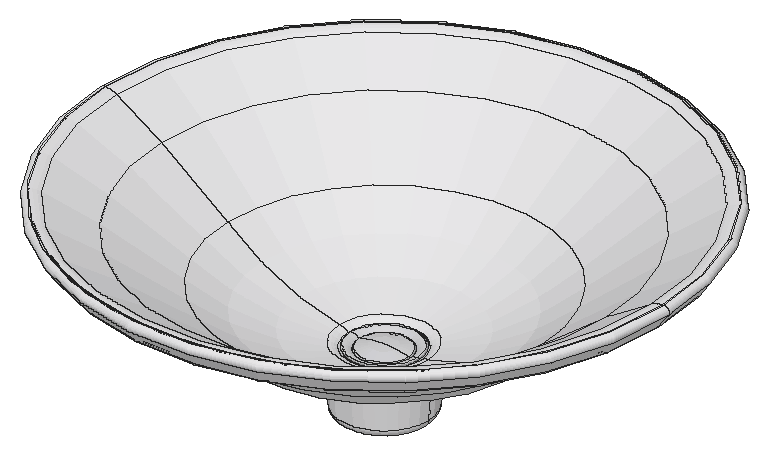
Revit family "Sink-Vessel_Lavatory-KOHLER-Carillon-K-75748", category Plumbing Fixtures, host Face, Revit 2015
Parameters (values of type "Sartorial Herringbone, 0-White")
  Width = 17 11/16"  # constant formula
  Waste Water Outlet = "Waste Water Outlet"  # constant formula
  Waste Connection = 1 = 1  # yes
  Vent Connection = 1 = 0  # no
  URL = "https://www.us.kohler.com/us/"
  Type = 1
  Product Page URL = "http://www.us.kohler.com/us/catalog/productDetails.jsp?productNumber=75748-HD1"
  Product Name = "Carillon"  # constant formula
  Product Documentation Link = "http://www.us.kohler.com/onlinecatalog/pdf/K-75748-HD1_spec.pdf"
  Model = if(Type = 1, "K-75748-HD1-0", if(Type = 2, "K-75748-HD2-7", if(Type = 3, "K-75748-FP1-0", if(Type = 4, "K-75748-FP2-7", "NA"))))  # "K-75748-HD1-0"
  Material = "Vitreous China"  # constant formula
  MasterFormat 2004 = "22.41.16"  # constant formula
  MasterFormat 1995 = "15410"  # constant formula
  Manufacturer Address = "444 Highland Dr, Kohler, WI 53044"  # constant formula
  Manufacturer = "KOHLER Co."  # constant formula
  Length = 17 11/16"  # constant formula
  Hot Water Inlet = "Hot Water Inlet"  # constant formula
  Height = 6"  # constant formula
  HW Connection = 1 = 0  # no
  Finish = Kohler-Vitreous_China-0-White
  Environmental Product Declaration = ""
  Drain Included = 1 = 0  # no
  Description = if(Type = 1, "Sartorial Herringbone in White on Carillon Round Wading Pool bathroom sink", if(Type = 2, "Sartorial Herringbone in Black Black on Carillon Round Wading Pool bathroom sink", if(Type = 3, "Sartorial Paisley in White on Carillon Round Wading Pool bathroom sink", if(Type = 4, "Sartorial Paisley in Black Black on Carillon Round Wading Pool bathroom sink", "NA"))))  # "Sartorial Herringbone in White on Carillon Round Wading Pool bathroom sink"
  Default Elevation = 36"
  Declare Label = ""
  Date Modified = "01/10/2019"  # constant formula
  Date Created = "01/10/2019"  # constant formula
  Copyright = "Copyright KOHLER Co."  # constant formula
  Contact Us = "https://www.us.kohler.com/us/static/contact.jsp"
  Cold Water Inlet = "Cold Water Inlet"  # constant formula
  CW Connection = 1 = 0  # no
  Assembly Code = "D2010400"
  ADA Compliant = 1 = 1  # yes
Types (5): name | Type | Product Page URL | Product Documentation Link | Model | Finish | Description
  (no name) | 1 | "http://www.us.kohler.com/us/catalog/productDetails.jsp?productNumber=75748-HD1" | "http://www.us.kohler.com/onlinecatalog/pdf/K-75748-HD1_spec.pdf" | "K-75748-HD1-0" | Kohler-Vitreous_China-0-White | "Sartorial Herringbone in White on Carillon Round Wading Pool bathroom sink"
  Sartorial Herringbone, 0-White | 1 | "http://www.us.kohler.com/us/catalog/productDetails.jsp?productNumber=75748-HD1" | "http://www.us.kohler.com/onlinecatalog/pdf/K-75748-HD1_spec.pdf" | "K-75748-HD1-0" | Kohler-Vitreous_China-0-White | "Sartorial Herringbone in White on Carillon Round Wading Pool bathroom sink"
  Sartorial Herringbone, 7-Black Black | 2 | "http://www.us.kohler.com/us/catalog/productDetails.jsp?productNumber=75748-HD2" | "http://www.us.kohler.com/onlinecatalog/pdf/K-75748-HD2_spec.pdf" | "K-75748-HD2-7" | Kohler-Vitreous_China-7-Black_Black | "Sartorial Herringbone in Black Black on Carillon Round Wading Pool bathroom sink"
  Sartorial Paisley, 0-White | 3 | "http://www.us.kohler.com/us/catalog/productDetails.jsp?productNumber=75748-FP1" | "http://www.us.kohler.com/onlinecatalog/pdf/K-75748-FP1_spec.pdf" | "K-75748-FP1-0" | Kohler-Vitreous_China-0-White | "Sartorial Paisley in White on Carillon Round Wading Pool bathroom sink"
  Sartorial Paisley, 7-Black Black | 4 | "http://www.us.kohler.com/us/catalog/productDetails.jsp?productNumber=75748-FP2" | "http://www.us.kohler.com/onlinecatalog/pdf/K-75748-FP2_spec.pdf" | "K-75748-FP2-7" | Kohler-Vitreous_China-7-Black_Black | "Sartorial Paisley in Black Black on Carillon Round Wading Pool bathroom sink"
Reference planes (in)
  plane 1 "Center (Front/Back)": y = 0
  plane 2: z = 0
  plane 3 "Center (Left/Right)": x = 0
  plane 4: y = 8.84375
  plane 5: y = -8.84375
  plane 6: x = -8.84375
  plane 7: x = 8.84375
  plane 8: z = 0.75
  plane 9: z = -5.25
Forms (in)
  Extrusion 1, void
    sketch origin (0, 0, 0) x (1, 0, 0) y (0, 1, 0)
      loop
        circle (0, 0) r 8
    from 0 to -5.25
Dimensions and locks (in)
  "Length": plane 5 to plane 4
  "Width": plane 6 to plane 7
  "Height": plane 8 to plane 9
  locked: plane 8 to level at 0.75
  aligned and locked: plane 2 to host face
  aligned and locked: level to host face
Automatic sketch dimensions
  host sketch curve to host sketch curve = 96"  (x2)
  plane 1 "Center (Front/Back)" to Extrusion 1 sketch curve = 0"
  Extrusion 1 sketch curve to plane 3 "Center (Left/Right)" = 0"
  radius of Extrusion 1 sketch curve = 8"
Nested families (in)
  nested 1: "K-75748" at (0, 0, -5.25), type "K-75748"
Connectors (in)
  piping at (0, 0, -5.09375), diameter 1.25, driven by "Waste Connection", driven by "Waste Water Outlet"
    settings: on nested 1, index 1, connector inside diameter 24", connector length 0", flow factor 0, pipe flow 0 GPM, pressure drop 0.00 psi, fitting loss kfactor 0, connector angle 0.00°, fixture units 0, engagement length 0", angle of deflection 0.00°, flow configuration 0, flow direction 2, fitting loss method 0, system type 16, joint type 0, gender type 0, connector reference index -1, connector utility 1, adjustable connector no, is connector primary yes, connector description "Waste Water Outlet"
Definition of nested family "K-75748"
  Parameters (values of type "K-75748")
    Material = none
  Reference planes (in)
    plane 1 "Center (Front/Back)": y = 0
    plane 2: z = 0
    plane 3 "Center (Left/Right)": x = 0
    plane 4: y = 8.84375
    plane 5: y = -8.84375
    plane 6: x = -8.84375
    plane 7: x = 8.84375
    plane 8: z = 6
    plane 9: z = 5.25
  Forms (in)
    Revolve 1, solid, material <- "Material", detail levels medium+fine
      sketch origin (0, 0, 0) x (1, 0, 0) y (0, 0, 1)
        loop
          line (-1.12174, 0) -> (-0.87514, 0) -> (-0.87514, 0.15625) -> (0, 0.15625) -> (0, 0.59335) -> (-0.87514, 0.59335) -> (-0.87514, 1.5577) -> (-1.12287, 1.80544)
          arc (-1.12287, 1.80544) -> (-1.24182, 1.89241) -> (-1.38155, 1.93922) r 0.48017
          arc (-1.38155, 1.93922) -> (-3.23618, 2.51892) -> (-4.87165, 3.5682) r 7.28614
          arc (-4.87165, 3.5682) -> (-5.86913, 4.35279) -> (-6.92283, 5.06007) r 16.84789
          arc (-6.92283, 5.06007) -> (-7.61804, 5.48628) -> (-8.31623, 5.90758) r 115.87003
          arc (-8.31623, 5.90758) -> (-8.47712, 5.97647) -> (-8.65054, 6) r 0.65087
          line (-8.65054, 6) -> (-8.68643, 6)
          arc (-8.68643, 6) -> (-8.82598, 5.91492) -> (-8.81427, 5.75191) r 0.15698
          line (-8.81427, 5.75191) -> (-8.53474, 5.35968)
          arc (-8.53474, 5.35968) -> (-8.49256, 5.32315) -> (-8.43833, 5.31) r 0.11839
          line (-8.43833, 5.31) -> (-8.40737, 5.31)
          arc (-8.40737, 5.31) -> (-8.36654, 5.30031) -> (-8.33442, 5.27331) r 0.09087
          arc (-8.33442, 5.27331) -> (-8.31402, 5.25615) -> (-8.28808, 5.25) r 0.05771
          line (-8.28808, 5.25) -> (-7.74182, 5.25)
          arc (-7.74182, 5.25) -> (-7.69945, 5.24273) -> (-7.66192, 5.22175) r 0.12714
          line (-7.66192, 5.22175) -> (-5.61604, 3.56862)
          arc (-5.61604, 3.56862) -> (-4.42031, 2.71325) -> (-3.13267, 2.00375) r 12.53702
          arc (-3.13267, 2.00375) -> (-2.42105, 1.72113) -> (-1.67808, 1.53596) r 5.7268
          arc (-1.67808, 1.53596) -> (-1.5319, 1.45536) -> (-1.46478, 1.30253) r 0.26019
          line (-1.46478, 1.30253) -> (-1.37079, 0.22821)
          arc (-1.37079, 0.22821) -> (-1.29064, 0.06568) -> (-1.12174, 0) r 0.25
        axis (0, 6) -> (0, 0)
      angle from 0 to 360
    Revolve 2, solid, detail levels medium+fine
      sketch origin (0, 0, 0) x (1, 0, 0) y (0, 0, 1)
        loop
          line (-0.70847, 1.09574) -> (0, 1.09574) -> (0, 1.88619)
          arc (0, 1.88619) -> (-0.37854, 1.85859) -> (-0.74907, 1.77636) r 2.6094
          arc (-0.74907, 1.77636) -> (-0.7683, 1.74615) -> (-0.74121, 1.72274) r 0.02739
          line (-0.74121, 1.72274) -> (-0.5161, 1.72274) -> (-0.5161, 1.50596) -> (-0.72385, 1.50596) -> (-0.78478, 1.73337)
          arc (-0.78478, 1.73337) -> (-0.89393, 1.82345) -> (-1.03172, 1.85571) r 0.31038
          arc (-1.03172, 1.85571) -> (-1.06126, 1.83114) -> (-1.04249, 1.79761) r 0.03005
          line (-1.04249, 1.79761) -> (-0.85032, 1.72385)
          arc (-0.85032, 1.72385) -> (-0.82211, 1.70256) -> (-0.80951, 1.66955) r 0.06396
          line (-0.80951, 1.66955) -> (-0.7652, 1.14786)
          arc (-0.7652, 1.14786) -> (-0.74699, 1.11075) -> (-0.70847, 1.09574) r 0.05693
        axis (0, 1.88619) -> (0, 1.09574)
      angle from 0 to 360
    Revolve 3, solid, material <- "Material", detail levels coarse
      sketch origin (0, 0, 0) x (1, 0, 0) y (0, 0, 1)
        loop
          arc (0, 2.1257) -> (-4.26249, 3.15024) -> (-7.59375, 6) r 9.37915
          line (-7.59375, 6) -> (-8.84375, 6) -> (-8.84375, 5.25) -> (-7.69688, 5.25) -> (-5.61604, 3.56862)
          arc (-5.61604, 3.56862) -> (-3.65949, 2.30512) -> (-1.48053, 1.48255) r 10.98421
          line (-1.48053, 1.48255) -> (-1.35082, 0) -> (0, 0) -> (0, 2.1257)
        axis (0, 6) -> (0, 0)
      angle from 0 to 360
  Lines and regions (in)
    Masking region 1
      outline origin (0, 0, 0) x (1, 0, 0) y (0, 0, 1)
        loop
          line (-1.12174, 0) -> (1.12174, 0)
          arc (1.12174, 0) -> (1.29064, 0.06568) -> (1.37079, 0.22821) r 0.25
          line (1.37079, 0.22821) -> (1.46478, 1.30253)
          arc (1.46478, 1.30253) -> (1.5319, 1.45536) -> (1.67808, 1.53596) r 0.26019
          arc (1.67808, 1.53596) -> (2.42105, 1.72113) -> (3.13267, 2.00375) r 5.7268
          arc (3.13267, 2.00375) -> (4.42031, 2.71325) -> (5.61604, 3.56862) r 12.53702
          line (5.61604, 3.56862) -> (7.66192, 5.22175)
          arc (7.66192, 5.22175) -> (7.69945, 5.24273) -> (7.74182, 5.25) r 0.12714
          line (7.74182, 5.25) -> (8.28808, 5.25)
          arc (8.28808, 5.25) -> (8.31402, 5.25615) -> (8.33442, 5.27331) r 0.05771
          arc (8.33442, 5.27331) -> (8.36654, 5.30031) -> (8.40737, 5.31) r 0.09087
          line (8.40737, 5.31) -> (8.43833, 5.31)
          arc (8.43833, 5.31) -> (8.49256, 5.32315) -> (8.53474, 5.35968) r 0.11839
          line (8.53474, 5.35968) -> (8.81427, 5.75191)
          arc (8.81427, 5.75191) -> (8.82598, 5.91492) -> (8.68643, 6) r 0.15698
          line (8.68643, 6) -> (-8.68643, 6)
          arc (-8.68643, 6) -> (-8.82598, 5.91492) -> (-8.81427, 5.75191) r 0.15698
          line (-8.81427, 5.75191) -> (-8.53474, 5.35968)
          arc (-8.53474, 5.35968) -> (-8.49256, 5.32315) -> (-8.43833, 5.31) r 0.11839
          line (-8.43833, 5.31) -> (-8.40737, 5.31)
          arc (-8.40737, 5.31) -> (-8.36654, 5.30031) -> (-8.33442, 5.27331) r 0.09087
          arc (-8.33442, 5.27331) -> (-8.31402, 5.25615) -> (-8.28808, 5.25) r 0.05771
          line (-8.28808, 5.25) -> (-7.74182, 5.25)
          arc (-7.74182, 5.25) -> (-7.69945, 5.24273) -> (-7.66192, 5.22175) r 0.12714
          line (-7.66192, 5.22175) -> (-5.61604, 3.56862)
          arc (-5.61604, 3.56862) -> (-4.42031, 2.71325) -> (-3.13267, 2.00375) r 12.53702
          arc (-3.13267, 2.00375) -> (-2.42105, 1.72113) -> (-1.67808, 1.53596) r 5.7268
          arc (-1.67808, 1.53596) -> (-1.5319, 1.45536) -> (-1.46478, 1.30253) r 0.26019
          line (-1.46478, 1.30253) -> (-1.37079, 0.22821)
          arc (-1.37079, 0.22821) -> (-1.29064, 0.06568) -> (-1.12174, 0) r 0.25
    Masking region 2
      outline origin (0, 0, 0) x (0, 1, 0) y (0, 0, 1)
        loop
          arc (1.12174, 0) -> (1.29064, 0.06568) -> (1.37079, 0.22821) r 0.25
          line (1.37079, 0.22821) -> (1.46478, 1.30253)
          arc (1.46478, 1.30253) -> (1.5319, 1.45536) -> (1.67808, 1.53596) r 0.26019
          arc (1.67808, 1.53596) -> (2.42105, 1.72113) -> (3.13267, 2.00375) r 5.7268
          arc (3.13267, 2.00375) -> (4.42031, 2.71325) -> (5.61604, 3.56862) r 12.53702
          line (5.61604, 3.56862) -> (7.66192, 5.22175)
          arc (7.66192, 5.22175) -> (7.69945, 5.24273) -> (7.74182, 5.25) r 0.12714
          line (7.74182, 5.25) -> (8.28808, 5.25)
          arc (8.28808, 5.25) -> (8.31402, 5.25615) -> (8.33442, 5.27331) r 0.05771
          arc (8.33442, 5.27331) -> (8.36654, 5.30031) -> (8.40737, 5.31) r 0.09087
          line (8.40737, 5.31) -> (8.43833, 5.31)
          arc (8.43833, 5.31) -> (8.49256, 5.32315) -> (8.53474, 5.35968) r 0.11839
          line (8.53474, 5.35968) -> (8.81427, 5.75191)
          arc (8.81427, 5.75191) -> (8.82598, 5.91492) -> (8.68643, 6) r 0.15698
          line (8.68643, 6) -> (-8.68643, 6)
          arc (-8.68643, 6) -> (-8.82598, 5.91492) -> (-8.81427, 5.75191) r 0.15698
          line (-8.81427, 5.75191) -> (-8.53474, 5.35968)
          arc (-8.53474, 5.35968) -> (-8.49256, 5.32315) -> (-8.43833, 5.31) r 0.11839
          line (-8.43833, 5.31) -> (-8.40737, 5.31)
          arc (-8.40737, 5.31) -> (-8.36654, 5.30031) -> (-8.33442, 5.27331) r 0.09087
          arc (-8.33442, 5.27331) -> (-8.31402, 5.25615) -> (-8.28808, 5.25) r 0.05771
          line (-8.28808, 5.25) -> (-7.74182, 5.25)
          arc (-7.74182, 5.25) -> (-7.69945, 5.24273) -> (-7.66192, 5.22175) r 0.12714
          line (-7.66192, 5.22175) -> (-5.61604, 3.56862)
          arc (-5.61604, 3.56862) -> (-4.42031, 2.71325) -> (-3.13267, 2.00375) r 12.53702
          arc (-3.13267, 2.00375) -> (-2.42105, 1.72113) -> (-1.67808, 1.53596) r 5.7268
          arc (-1.67808, 1.53596) -> (-1.5319, 1.45536) -> (-1.46478, 1.30253) r 0.26019
          line (-1.46478, 1.30253) -> (-1.37079, 0.22821)
          arc (-1.37079, 0.22821) -> (-1.29064, 0.06568) -> (-1.12174, 0) r 0.25
          line (-1.12174, 0) -> (1.12174, 0)
    Masking region 3
      outline origin (0, 0, 0) x (1, 0, 0) y (0, 1, 0)
        loop
          circle (0, 0) r 8.84375
    symbolic lines, detail levels medium+fine
      curve 1: line (-7.74182, 0, 5.25) -> (7.74182, 0, 5.25)
      curve 2: line (8.40737, 0, 5.31) -> (-8.40737, 0, 5.31)
      curve 3: line (-1.67808, 0, 1.53596) -> (1.67808, 0, 1.53596)
      curve 4: line (0, 8.40737, 5.31) -> (0, -8.40737, 5.31)
      curve 5: line (0, -7.74182, 5.25) -> (0, 7.74182, 5.25)
      curve 6: line (0, 1.67808, 1.53596) -> (0, -1.67808, 1.53596)
      curve 7: circle (0, 0, 0) r 8.75 normal (0, 0, 1)
      curve 8: circle (0, 0, 0) r 0.78478 normal (0, 0, 1)
      curve 9: circle (0, 0, 0) r 0.76624 normal (0, 0, 1)
      curve 10: circle (0, 0, 0) r 1.06452 normal (0, 0, 1)
  Dimensions and locks (in)
    plane 5 to plane 4 = 17 11/16"
    plane 6 to plane 7 = 17 11/16"
    plane 8 to plane 2 = 6"
    plane 8 to plane 9 = 3/4"
    aligned and locked: plane 2 to level
